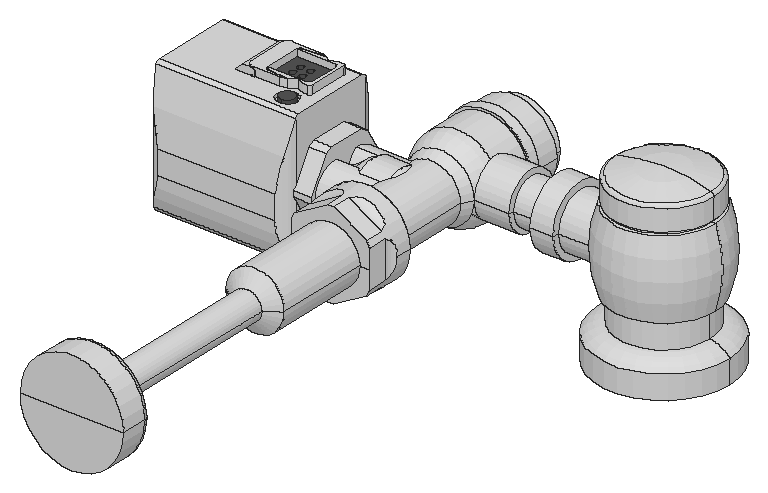
Revit family "Plumbing-Valves-Sloan-CROWN-186-SMOz", category Plumbing Fixtures, host Face, Revit 2019
Family settings
  Host = Face
  Round Connector Dimension = Use Diameter
  Part Type = Normal
  OmniClass Number = 23.45.05.14.99
  OmniClass Title = Other Sanitary Washing Plumbing Fixtures
  Cut with Voids When Loaded = No
  Shared = No
  Room Calculation Point = No
Parameters (values of type "CROWN 186 SMO-1.0-OR")
  Water Inlet Connection Diameter = 3" / 4  # 3/4"
  Waste Connection = no
  WFU = 0
  Vent Connection = no
  Valve Pressure Drop = 0.00 psi
  URL = "www.sloanvalve.com"
  Product data url = "https://www.bimobject.com/sloan_valve/product/flushometers_crown-186-smo"
  Product Material = Sloan Valve - Finish - Polished Chrome
  Product Guid = ""
  Part Number = "3122620"
  Operating Water Pressure = "15 – 80 PSI (103 – 552 kPa)"  # constant formula
  Model = "CROWN 186 SMO-1.0-OR"
  Manufacturer = "Sloan Valve"  # constant formula
  Keynote = "15410"
  Height = 13 1/2"  # constant formula
  HWFU = 0
  HW Connection = no
  Flush Rate = "1.0 gpf (3.8 Lpf)"
  Edition number = 1
  Description = "1.0 gpf, Polished Chrome Finish, Fixture Connection Top Spud, Single Flush, Electrical Override, Battery, Crown® Exposed Sensor Urinal Flushometer."
  Default Elevation = 0"
  Centerline of Supply to Centerline of Valve = 4 3/4"  # constant formula
  Centerline of Supply from Top of Fixture = 11 1/2"  # constant formula
  CWFU = 0
  CW Connection = yes
  Assembly Code = "D2020300"
Types (3): name | Part Number | Model | Flush Rate | Description
  CROWN 186 SMO-0.5-OR | "3122630" | "CROWN 186 SMO-0.5-OR" | "0.5 gpf (1.9 Lpf)" | "0.5 gpf, Polished Chrome Finish, Fixture Connection Top Spud, Single Flush, Electrical Override, Battery, Crown® Exposed Sensor Urinal Flushometer."
  CROWN 186 SMO-1.0-OR | "3122620" | "CROWN 186 SMO-1.0-OR" | "1.0 gpf (3.8 Lpf)" | "1.0 gpf, Polished Chrome Finish, Fixture Connection Top Spud, Single Flush, Electrical Override, Battery, Crown® Exposed Sensor Urinal Flushometer."
  CROWN 186 SMO-0.125-OR | "3122674" | "CROWN 186 SMO-0.125-OR" | "0.125 gpf (0.5 Lpf)" | "0.125 gpf, Polished Chrome Finish, Fixture Connection Top Spud, Single Flush, Electrical Override, Battery, Crown® Exposed Sensor Urinal Flushometer."
Reference planes (in)
  plane 1 "Center (Front/Back)": y = 0
  plane 2: z = 0
  plane 3 "Center (Left/Right)": x = 0
  plane 4: x = 4.75
  plane 5: y = -11.5
Dimensions and locks (in)
  "Centerline of Supply to Centerline of Valve": plane 3 "Center (Left/Right)" to plane 4
  aligned and locked: plane 2 to host face
  aligned and locked: level to host face
  aligned and locked: nested 1 to plane 4
Automatic sketch dimensions
  host sketch curve to host sketch curve = 96"  (x2)
Nested families (in)
  nested 1: "Geometry" at (0, -11.5, 0) x (1, 0, 0) z (0, 1, 0), type "Geometry"
Connectors (in)
  piping at (4.75, 0, 0), diameter 0.75, driven by "Water Inlet Connection Diameter", driven by "CWFU", driven by "Valve Pressure Drop"
    settings: on nested 1, index 2, connector inside diameter 24", connector length 0", flow factor 0, pipe flow 0 GPM, pressure drop 0.00 psi, fitting loss kfactor 0, connector angle 0.00°, fixture units 0, engagement length 0", angle of deflection 0.00°, flow configuration 3, flow direction 1, fitting loss method 4, system type 20, joint type 0, gender type 0, connector reference index -1, connector utility 0, adjustable connector no, is connector primary yes, connector description "Water Inlet Connection"
Definition of nested family "Geometry"
  Parameters (values of type "Geometry")
    URL = ""
    Product Material = none
    Model = ""
    Manufacturer = ""
    Keynote = ""
    Description = ""
    Default Elevation = 0"
    Assembly Code = ""
  Reference planes (in)
    plane 1 "Center (Front/Back)": y = 0
    plane 2: z = 0
    plane 3 "Center (Left/Right)": x = 0
    plane 4: x = 4.75
    plane 5: y = -2.25
    plane 6: z = 11.5
    plane 7: z = 9.94488
  Forms (in)
    Extrusion 1, solid
      sketch origin (0, 0, 0) x (1, 0, 0) y (0, 1, 0)
        loop
          line (-48, 48) -> (-48, -48) -> (48, -48) -> (48, 48) -> (-48, 48)
      from 0 to -12
    Extrusion 2, solid, material <- "Product Material", not visible
      sketch origin (0, 0, 0) x (1, 0, 0) y (0, 0, 1)
        loop
          circle (4.75, 11.5) r 1
      from 0.07956 to 0
    Revolve 3, solid, material <- "Product Material"
      sketch origin (-21.18583, -2.25, 142.48031) x (-1, 0, 0) y (0, 0, 1)
        loop
          line (-21.18583, -142.48031) -> (-21.18583, -134.86233) -> (-21.87333, -134.86233) -> (-21.87333, -137.08845) -> (-21.52958, -137.32914) -> (-21.52958, -141.35531) -> (-21.71708, -141.35531) -> (-21.71708, -141.73031) -> (-22.27652, -141.73031)
          arc (-22.27652, -141.73031) -> (-22.36707, -141.76782) -> (-22.40458, -141.85837) r 0.12805
          line (-22.40458, -141.85837) -> (-22.40458, -142.48031) -> (-21.18583, -142.48031)
        loop
          line (-21.18583, -133.80894) -> (-21.18583, -129.16813)
          arc (-21.18583, -129.16813) -> (-21.63772, -129.1837) -> (-22.08747, -129.23031) r 6.56794
          line (-22.08747, -129.23031) -> (-22.08747, -129.46146) -> (-22.18583, -129.46146) -> (-22.18583, -130.04281) -> (-22.24089, -130.04281) -> (-22.24089, -130.2913) -> (-22.18601, -130.2913) -> (-22.18601, -131.12971)
          arc (-22.18601, -131.12971) -> (-22.12347, -131.39925) -> (-21.98121, -131.63656) r 0.89039
          arc (-21.98121, -131.63656) -> (-21.9317, -131.77297) -> (-21.87333, -131.90582) r 2.20623
          line (-21.87333, -131.90582) -> (-21.87333, -133.80894) -> (-21.18583, -133.80894)
        axis (-21.18583, -142.48031) -> (-21.18583, -129.16813)
      angle from 0 to 360
    Revolve 4, solid, material <- "Product Material"
      sketch origin (-21.18583, -2.25, 142.48031) x (-1, 0, 0) y (0, 0, 1)
        loop
          line (-22.81083, -130.32406) -> (-22.81083, -130.44918) -> (-23.43583, -130.44918) -> (-23.43583, -130.16781) -> (-23.96708, -130.16781) -> (-23.96708, -130.32397) -> (-25.93583, -130.32397) -> (-25.93583, -130.98031) -> (-21.18583, -130.98031) -> (-21.18583, -130.32406) -> (-22.81083, -130.32406)
        axis (-21.18583, -130.98031) -> (-25.93583, -130.98031)
      angle from 0 to 360
    Revolve 5, solid, material <- "Product Material"
      sketch origin (-10.42838, -5.85827, 11.5) x (-1, 0, 0) y (0, -1, 0)
        loop
          line (-15.17838, -5.85827) -> (-15.17838, -1.77836)
          arc (-15.17838, -1.77836) -> (-15.73994, -1.81932) -> (-16.28962, -1.94132) r 3.87013
          arc (-16.28962, -1.94132) -> (-16.33236, -1.96943) -> (-16.36047, -2.01218) r 0.12647
          line (-16.36047, -2.01218) -> (-16.36047, -2.50664) -> (-16.31817, -2.50664) -> (-16.31817, -2.56576) -> (-16.39984, -2.56576)
          arc (-16.39984, -2.56576) -> (-16.55534, -3.49096) -> (-16.39984, -4.41615) r 2.83014
          line (-16.39984, -4.41615) -> (-16.25956, -4.41615) -> (-16.25956, -5.05199)
          arc (-16.25956, -5.05199) -> (-16.52375, -5.12097) -> (-16.7335, -5.29577) r 0.62651
          line (-16.7335, -5.29577) -> (-16.7335, -5.85827) -> (-15.17838, -5.85827)
        axis (-15.17838, -5.85827) -> (-15.17838, -1.77836)
      angle from 0 to 360
    Revolve 6, solid, material <- "Product Material"
      sketch origin (-0.33197, -2.25, 0.78863) x (1, 0, 0) y (0, 0, 1)
        loop
          line (-1.17567, 9.47566) -> (-1.17567, 9.15625) -> (0.33197, 9.15625) -> (0.33197, 9.74812) -> (0.13721, 9.87909) -> (-0.5087, 9.87909)
          arc (-0.5087, 9.87909) -> (-0.6341, 9.81521) -> (-0.74266, 9.72566) r 0.64509
          arc (-0.74266, 9.72566) -> (-0.94184, 9.57065) -> (-1.17567, 9.47566) r 0.91923
        axis (-1.17567, 9.15625) -> (0.33197, 9.15625)
      angle from 0 to 360
    Sweep 7, solid, material <- "Product Material"
      path origin (-0.33197, -2.25, 0.78863) x (1, 0, 0) y (0, 0, 1)
        loop
          line (-1.17567, 9.15625) -> (0.33197, 9.15625)
      profile origin (-0.75382, -2.25, 9.94488) x (0, 0, 1) y (0, -1, 0)
        loop
          arc (0.2945, -0.59116) -> (0.92187, 0) -> (0.2945, 0.59116) r 0.59221
          arc (0.2945, 0.59116) -> (0, 0) -> (0.2945, -0.59116) r 0.74059
    Sweep 8, solid, material <- "Product Material"
      path origin (-0.33197, -2.25, 19.10113) x (1, 0, 0) y (0, 0, 1)
        loop
          line (-1.17567, -9.15625) -> (0.00781, -9.15625)
      profile origin (-0.9159, -2.25, 9.94488) x (0, 0, 1) y (0, -1, 0)
        loop
          arc (-0.2945, -0.59116) -> (0, 0) -> (-0.2945, 0.59116) r 0.74059
          arc (-0.2945, 0.59116) -> (-0.92187, 0) -> (-0.2945, -0.59116) r 0.59221
    Extrusion 9, solid, material <- "Product Material"
      sketch origin (-3.12571, 4, 23.82639) x (0, 0, 1) y (0, -1, 0)
        loop
          line (-14.42803, 5.4259) -> (-14.28223, 5.34172) -> (-13.4038, 5.34172) -> (-13.258, 5.4259) -> (-12.81939, 6.18558) -> (-12.81939, 6.31442) -> (-13.25009, 7.06041) -> (-13.4038, 7.14915) -> (-14.28223, 7.14915) -> (-14.43594, 7.06041) -> (-14.86663, 6.31442) -> (-14.86663, 6.18558) -> (-14.42803, 5.4259)
      from 1.18057 to 1.61807
    Extrusion 10, solid, material <- "Product Material"
      sketch origin (-5.19711, -8.02789, 69.02301) x (0, -1, 0) y (0, 0, 1)
        loop
          line (-4.15289, -59.89943) -> (-4.15289, -58.04081)
          arc (-4.15289, -58.04081) -> (-4.16893, -57.98585) -> (-4.21201, -57.94814) r 0.1022
          arc (-4.21201, -57.94814) -> (-4.98496, -57.75097) -> (-5.77789, -57.66388) r 5.68758
          line (-5.77789, -57.66388) -> (-6.34716, -57.66388)
          arc (-6.34716, -57.66388) -> (-6.78049, -57.70946) -> (-7.18697, -57.86638) r 1.65765
          arc (-7.18697, -57.86638) -> (-7.34485, -58.01883) -> (-7.40289, -58.23049) r 0.41494
          line (-7.40289, -58.23049) -> (-7.40289, -59.72227)
          arc (-7.40289, -59.72227) -> (-7.34485, -59.93393) -> (-7.18697, -60.08637) r 0.41494
          arc (-7.18697, -60.08637) -> (-6.78049, -60.24329) -> (-6.34716, -60.28888) r 1.65765
          line (-6.34716, -60.28888) -> (-5.77789, -60.28888)
          arc (-5.77789, -60.28888) -> (-4.98496, -60.20179) -> (-4.21201, -60.00462) r 5.68758
          arc (-4.21201, -60.00462) -> (-4.16869, -59.95976) -> (-4.15289, -59.89943) r 0.12314
      from -3.25197 to 0.04145
    Extrusion 11, void
      sketch origin (-1.94514, -6.86409, 69.02301) x (-1, 0, 0) y (0, 0, 1)
        loop
          line (3.43979, -57.57476) -> (2.99497, -57.57476) -> (2.99497, -57.6552)
          arc (2.99497, -57.6552) -> (3.22889, -57.80783) -> (3.31113, -58.07476) r 0.41079
          line (3.31113, -58.07476) -> (3.43979, -58.07476) -> (3.43979, -57.57476)
        loop
          line (3.43979, -60.37799) -> (3.43979, -59.87799) -> (3.31113, -59.87799)
          arc (3.31113, -59.87799) -> (3.22889, -60.14492) -> (2.99497, -60.29756) r 0.41079
          line (2.99497, -60.29756) -> (2.99497, -60.37799) -> (3.43979, -60.37799)
        loop
          line (-0.14375, -57.57476) -> (-0.14375, -58.07476) -> (-0.01509, -58.07476)
          arc (-0.01509, -58.07476) -> (0.06715, -57.80783) -> (0.30107, -57.6552) r 0.41079
          line (0.30107, -57.6552) -> (0.30107, -57.57476) -> (-0.14375, -57.57476)
        loop
          line (-0.14375, -60.37799) -> (0.30107, -60.37799) -> (0.30107, -60.29756)
          arc (0.30107, -60.29756) -> (0.06715, -60.14492) -> (-0.01509, -59.87799) r 0.41079
          line (-0.01509, -59.87799) -> (-0.14375, -59.87799) -> (-0.14375, -60.37799)
      from 2.98909 to 6.23909
    Extrusion 12, void
      sketch origin (-5.44711, -8.02789, 69.02301) x (0, 1, 0) y (0, 0, 1)
        loop
          line (7.27789, -59.75367) -> (7.27789, -58.19908)
          arc (7.27789, -58.19908) -> (7.20575, -58.0249) -> (7.03157, -57.95276) r 0.24633
          line (7.03157, -57.95276) -> (6.16259, -57.95276)
          arc (6.16259, -57.95276) -> (6.02315, -58.01051) -> (5.96539, -58.14996) r 0.1972
          line (5.96539, -58.14996) -> (5.96539, -59.8028)
          arc (5.96539, -59.8028) -> (6.02315, -59.94224) -> (6.16259, -60) r 0.1972
          line (6.16259, -60) -> (7.03157, -60)
          arc (7.03157, -60) -> (7.20575, -59.92785) -> (7.27789, -59.75367) r 0.24633
      from 0 to 0.32653
    Extrusion 13, void
      sketch origin (0.00363, -4.0625, 13.13775) x (0, 0, -1) y (-1, 0, 0)
        loop
          line (2.41095, 3.37111) -> (2.41095, 2.38045)
          arc (2.41095, 2.38045) -> (2.43658, 2.31857) -> (2.49846, 2.29294) r 0.08751
          line (2.49846, 2.29294) -> (3.15515, 2.29294)
          arc (3.15515, 2.29294) -> (3.22235, 2.32077) -> (3.25018, 2.38797) r 0.09503
          line (3.25018, 2.38797) -> (3.25018, 3.37111) -> (2.41095, 3.37111)
        loop
          circle (3.68564, 2.48952) r 0.25
      from 0 to 0.24662
    Extrusion 14, solid, material <- "Product Material"
      sketch origin (0.00363, -4.0625, 13.13775) x (0, 0, 1) y (-1, 0, 0)
        loop
          arc (-2.36829, 2.21225) -> (-2.32544, 2.22961) -> (-2.30674, 2.27189) r 0.06158
          arc (-2.30674, 2.27189) -> (-2.32451, 2.43444) -> (-2.38665, 2.5857) r 0.58411
          arc (-2.38665, 2.5857) -> (-2.33039, 2.65421) -> (-2.28281, 2.72901) r 0.73397
          line (-2.28281, 2.72901) -> (-2.32459, 3.20658)
          arc (-2.32459, 3.20658) -> (-2.34989, 3.26764) -> (-2.41095, 3.29294) r 0.08636
          line (-2.41095, 3.29294) -> (-2.41095, 2.38045)
          arc (-2.41095, 2.38045) -> (-2.43658, 2.31857) -> (-2.49846, 2.29294) r 0.08751
          line (-2.49846, 2.29294) -> (-3.15515, 2.29294)
          arc (-3.15515, 2.29294) -> (-3.22235, 2.32077) -> (-3.25018, 2.38797) r 0.09503
          line (-3.25018, 2.38797) -> (-3.25018, 3.29294)
          arc (-3.25018, 3.29294) -> (-3.31125, 3.26764) -> (-3.33654, 3.20658) r 0.08636
          line (-3.33654, 3.20658) -> (-3.37832, 2.72901)
          arc (-3.37832, 2.72901) -> (-3.3344, 2.64349) -> (-3.27834, 2.56538) r 0.64963
          arc (-3.27834, 2.56538) -> (-3.33186, 2.42313) -> (-3.34688, 2.27189) r 0.58411
          arc (-3.34688, 2.27189) -> (-3.32818, 2.22961) -> (-3.28532, 2.21225) r 0.06158
          line (-3.28532, 2.21225) -> (-2.36829, 2.21225)
      from -0.1875 to 0
    Extrusion 15, solid, material <- "Product Material"
      sketch origin (0.00363, -4.0625, 13.13775) x (0, 0, 1) y (-1, 0, 0)
        loop
          arc (-2.28281, 2.72901) -> (-2.25203, 2.80064) -> (-2.23373, 2.87642) r 0.46169
          line (-2.23373, 2.87642) -> (-2.23373, 3.52003)
          arc (-2.23373, 3.52003) -> (-2.27571, 3.62137) -> (-2.37704, 3.66334) r 0.14331
          line (-2.37704, 3.66334) -> (-3.2562, 3.66334)
          arc (-3.2562, 3.66334) -> (-3.38049, 3.61186) -> (-3.43198, 3.48756) r 0.17578
          line (-3.43198, 3.48756) -> (-3.43198, 2.87642)
          arc (-3.43198, 2.87642) -> (-3.41136, 2.80045) -> (-3.37832, 2.72901) r 0.46857
          line (-3.37832, 2.72901) -> (-3.33654, 3.20658)
          arc (-3.33654, 3.20658) -> (-3.31125, 3.26764) -> (-3.25018, 3.29294) r 0.08636
          line (-3.25018, 3.29294) -> (-2.41095, 3.29294)
          arc (-2.41095, 3.29294) -> (-2.34989, 3.26764) -> (-2.32459, 3.20658) r 0.08636
          line (-2.32459, 3.20658) -> (-2.28281, 2.72901)
      from -0.1875 to 0
    Extrusion 16, solid, material <- "Product Material"
      sketch origin (0.00363, -2.25, 9.02301) x (1, 0, 0) y (0, 1, 0)
        loop
          line (-3.46156, -1.75971) -> (-3.46156, -1.53714) -> (-3.95312, -1.53714)
          arc (-3.95312, -1.53714) -> (-3.75672, -1.75749) -> (-3.46156, -1.75971) r 0.36385
      from 0.68277 to 1.88101
    Extrusion 17, solid
      sketch origin (0.00363, -4.0625, 13.13775) x (0, 0, 1) y (-1, 0, 0)
        loop
          line (-2.41095, 3.29294) -> (-3.25018, 3.29294) -> (-3.25018, 2.38797)
          arc (-3.25018, 2.38797) -> (-3.22235, 2.32077) -> (-3.15515, 2.29294) r 0.09503
          line (-3.15515, 2.29294) -> (-2.49846, 2.29294)
          arc (-2.49846, 2.29294) -> (-2.43658, 2.31857) -> (-2.41095, 2.38045) r 0.08751
          line (-2.41095, 2.38045) -> (-2.41095, 3.29294)
        loop
          circle (-3.68564, 2.48952) r 0.17875
      from -0.24662 to -0.14415
    Extrusion 18, void
      sketch origin (-1.94514, -3.875, 69.02301) x (-1, 0, 0) y (0, 0, 1)
        loop
          circle (1.00385, -58.5961) r 0.08007
        loop
          circle (0.772, -58.5961) r 0.08007
        loop
          circle (1.00385, -58.83554) r 0.08007
        loop
          circle (0.772, -58.83554) r 0.08007
      from -0.04335 to 0.05912
  Cuts and joins
    Extrusion 11, Extrusion 12, Extrusion 13 cuts Extrusion 10
    Extrusion 18 cuts Extrusion 17
  Lines and regions (in)
    Masking region 1
      outline origin (0, 0, 0) x (1, 0, 0) y (0, 1, 0)
        loop
          line (6.30453, 0) -> (3.19547, 0) -> (3.19547, -0.5625)
          arc (3.19547, -0.5625) -> (3.40596, -0.73524) -> (3.66882, -0.80628) r 0.64811
          line (3.66882, -0.80628) -> (3.66882, -1.44211) -> (3.52854, -1.44211)
          arc (3.52854, -1.44211) -> (3.50407, -1.5163) -> (3.48166, -1.59113) r 2.83546
          line (3.48166, -1.59113) -> (2.78296, -1.59113) -> (2.78296, -1.26142) -> (2.25, -1.26142) -> (2.25, -1.71632) -> (1.625, -1.71632) -> (1.625, -1.59375) -> (1.0285, -1.59375)
          arc (1.0285, -1.59375) -> (-0.03636, -1.03184) -> (-1.06425, -1.65884) r 1.21875
          line (-1.06425, -1.65884) -> (-1.50764, -1.65884) -> (-1.50764, -1.34172) -> (-1.94514, -1.34172) -> (-1.94514, -0.625) -> (-5.23856, -0.625) -> (-5.23856, -3.875) -> (-3.90764, -3.875)
          arc (-3.90764, -3.875) -> (-3.81514, -4.01035) -> (-3.65971, -4.0625) r 0.25767
          line (-3.65971, -4.0625) -> (-2.20862, -4.0625) -> (-2.20862, -3.875) -> (-1.94514, -3.875) -> (-1.94514, -3.14915) -> (-1.50764, -3.14915) -> (-1.50764, -2.84116) -> (-1.06593, -2.84116)
          arc (-1.06593, -2.84116) -> (-0.03719, -3.46829) -> (1.0285, -2.90625) r 1.22009
          line (1.0285, -2.90625) -> (1.625, -2.90625) -> (1.625, -2.77889) -> (2.25, -2.77889) -> (2.25, -3.23579) -> (2.78296, -3.23579) -> (2.78296, -2.90688) -> (3.42517, -2.90688)
          arc (3.42517, -2.90688) -> (3.47006, -3.10152) -> (3.52854, -3.29251) r 2.83546
          line (3.52854, -3.29251) -> (3.61021, -3.29251) -> (3.61021, -3.35162) -> (3.56791, -3.35162) -> (3.56791, -3.84609)
          arc (3.56791, -3.84609) -> (3.59567, -3.88918) -> (3.63877, -3.91694) r 0.12116
          arc (3.63877, -3.91694) -> (4.75, -4.08111) -> (5.86123, -3.91694) r 3.84302
          arc (5.86123, -3.91694) -> (5.90433, -3.88918) -> (5.93209, -3.84609) r 0.12116
          line (5.93209, -3.84609) -> (5.93209, -3.35162) -> (5.88979, -3.35162) -> (5.88979, -3.29251) -> (5.97146, -3.29251)
          arc (5.97146, -3.29251) -> (6.12665, -2.36731) -> (5.97146, -1.44211) r 2.83546
          line (5.97146, -1.44211) -> (5.83118, -1.44211) -> (5.83118, -0.80628)
          arc (5.83118, -0.80628) -> (6.09404, -0.73524) -> (6.30453, -0.5625) r 0.64811
          line (6.30453, -0.5625) -> (6.30453, 0)
    symbolic lines, detail levels medium+fine
      curve 1: line (5.83118, -1.44211, 0) -> (3.66882, -1.44211, 0)
      curve 2: line (5.83118, -0.80628, 0) -> (3.66882, -0.80628, 0)
      curve 3: line (3.19547, -0.5625, 0) -> (6.30512, -0.5625, 0)
      curve 4: line (2.78125, -1.4375, 0) -> (2.78125, -2.25, 0)
      curve 5: line (2.78125, -2.25, 0) -> (2.78125, -3.0625, 0)
      curve 6: line (2.25, -1.4375, 0) -> (2.25, -2.25, 0)
      curve 7: line (2.25, -2.25, 0) -> (2.25, -3.0625, 0)
      curve 8: line (5.88979, -3.29251, 0) -> (3.61021, -3.29251, 0)
      curve 9: line (5.88979, -3.35162, 0) -> (3.61021, -3.35162, 0)
      curve 16: line (1.625, -2.25, 0) -> (1.625, -1.59375, 0)
      curve 17: line (1.625, -2.90625, 0) -> (1.625, -2.25, 0)
      curve 20: line (-1.18348, -2.84221, 0) -> (-1.18348, -1.65779, 0)
      curve 21: line (-1.50764, -3.14915, 0) -> (-1.50764, -1.34172, 0)
      curve 22: line (-2.20862, -3.875, 0) -> (-3.90764, -3.875, 0)
      curve 31: line (-1.94514, -1.34172, 0) -> (-1.94514, -3.14915, 0)
    symbolic lines, detail levels fine
      curve 10: arc (0.90625, -2.25, 0) -> (0, -1.34375, 0) -> (-0.90625, -2.25, 0) r 0.90625
      curve 11: arc (-1, -2.25, 0) -> (0, -1.25, 0) -> (1, -2.25, 0) r 1
      curve 12: arc (-1.05506, -2.25, 0) -> (0, -1.19494, 0) -> (1.05506, -2.25, 0) r 1.05506
      curve 13: arc (-0.90625, -2.25, 0) -> (0, -3.15625, 0) -> (0.90625, -2.25, 0) r 0.90625
      curve 14: arc (1, -2.25, 0) -> (0, -3.25, 0) -> (-1, -2.25, 0) r 1
      curve 15: arc (1.05506, -2.25, 0) -> (0, -3.30506, 0) -> (-1.05506, -2.25, 0) r 1.05506
      curve 18: line (1.625, -1.59375, 0) -> (0.82612, -1.59375, 0)
      curve 19: line (1.625, -2.90625, 0) -> (0.82612, -2.90625, 0)
      curve 23: line (-1.50764, -1.4259, 0) -> (-1.94514, -1.4259, 0)
      curve 24: line (-1.50764, -2.18558, 0) -> (-1.94514, -2.18558, 0)
      curve 25: line (-1.50764, -2.31442, 0) -> (-1.94514, -2.31442, 0)
      curve 26: line (-1.50764, -3.06041, 0) -> (-1.94514, -3.06041, 0)
      curve 27: line (-2.87279, -3.875, 0) -> (-2.87279, -4.0625, 0)
      curve 28: line (-2.72538, -3.875, 0) -> (-2.72538, -4.0625, 0)
      curve 29: line (-2.58207, -3.875, 0) -> (-2.58207, -4.0625, 0)
      curve 30: line (-3.45793, -3.875, 0) -> (-3.45793, -4.0625, 0)
      curve 32: line (-2.21494, -1.68073, 0) -> (-4.97138, -1.68073, 0)
      curve 33: line (-2.21494, -2.25, 0) -> (-4.97138, -2.25, 0)
      curve 34: line (-1.94514, -3.80045, 0) -> (-2.21494, -2.25, 0)
      curve 35: line (-2.21494, -2.25, 0) -> (-2.21494, -1.68073, 0)
      curve 36: line (-2.21494, -1.68073, 0) -> (-1.97547, -0.84093, 0)
      curve 37: line (-4.97138, -1.68073, 0) -> (-4.97138, -2.25, 0)
      curve 38: line (-4.97138, -2.25, 0) -> (-5.23856, -3.77314, 0)
      curve 39: line (-5.21086, -0.84093, 0) -> (-4.97138, -1.68073, 0)
      curve 40: spline (-5.23856, -0.74947, 0) -> (-5.23638, -0.75637, 0) -> (-5.23418, -0.76341, 0) -> (-5.23195, -0.77059, 0) -> (-5.22969, -0.77791, 0) -> (-5.22741, -0.78536, 0) -> (-5.22511, -0.79294, 0) -> (-5.22278, -0.80065, 0) -> (-5.22043, -0.80847, 0) -> (-5.21807, -0.81642, 0) -> (-5.21568, -0.82448, 0) -> (-5.21328, -0.83265, 0) -> (-5.21086, -0.84093, 0)
      curve 41: spline (-1.97547, -0.84093, 0) -> (-1.97273, -0.83177, 0) -> (-1.97003, -0.82274, 0) -> (-1.96737, -0.81384, 0) -> (-1.96473, -0.80509, 0) -> (-1.96214, -0.79648, 0) -> (-1.95958, -0.78801, 0) -> (-1.95707, -0.77971, 0) -> (-1.95459, -0.77156, 0) -> (-1.95216, -0.76358, 0) -> (-1.94977, -0.75577, 0) -> (-1.94743, -0.74814, 0) -> (-1.94514, -0.74068, 0)
  Dimensions and locks (in)
    Extrusion 2 sketch curve to plane 2 = 11 1/2"
    Extrusion 2 sketch curve to plane 3 "Center (Left/Right)" = 4 3/4"
    plane 3 "Center (Left/Right)" to plane 4 = 4 3/4"
    plane 6 to plane 2 = 11 1/2"
    locked: Extrusion 12 sketch curve to Extrusion 12 sketch curve at 1.3125
    Revolve 3 sketch curve to Revolve 3 sketch curve = 17/32"
    aligned and locked: plane 2 to Extrusion 1
    aligned and locked: level to Extrusion 1
    aligned and locked: Extrusion 2 to plane 1 "Center (Front/Back)"
    aligned and locked: Extrusion 15 sketch curve to Extrusion 14  (x2)
  Nested families (in)
    nested 1: "Royal Adapter TYPE-2" at (0, -2.25, 7.61799) x (-1, 0, 0) z (0, 0, 1), type "Optima Adapter"
  Definition of nested family "Royal Adapter TYPE-2"
    Parameters (values of type "Optima Adapter")
      Flushometer Body = none
      Assembly Code = ""
    Reference planes (in)
      plane 1 "Center (Front/Back)": y = 0
      plane 2 "Bottom": z = 0
      plane 3 "Center (Left/Right)": x = 0
      plane 4: z = 0.6875
      plane 5: z = 0
      plane 6 "Top": z = 1.15625
      plane 7: x = -1.00394
      plane 8: x = 1.00394
      plane 9: y = 1.00394
      plane 10: y = -1.00394
      plane 11: x = -0.90551
      plane 12: x = 0.90551
      plane 13: y = 0.90551
      plane 14: y = -0.90551
    Forms (in)
      Blend 1, solid, material <- "Flushometer Body"
        base sketch origin (0, 0, 0.7874) x (1, 0, 0) y (0, 1, 0)
          loop
            circle (0, 0) r 1.02362
        top sketch origin (0, 0, 0.7874) x (1, 0, 0) y (0, 1, 0)
          loop
            circle (0, 0) r 0.90625
        from 0.26599 to 0.36885
      Revolve 2, solid, material <- "Flushometer Body"
        sketch origin (0, 0, -6.85938) x (1, 0, 0) y (0, 0, 1)
          loop
            line (-1.02362, 7.91276) -> (-1.02362, 6.85938) -> (0, 6.85938) -> (0, 7.91276) -> (-1.02362, 7.91276)
          axis (0, 6.85938) -> (0, 7.91276)
        angle from 0 to 360
      Sweep 3, void
        path origin (0, 0, 0) x (1, 0, 0) y (0, 1, 0)
          loop
            line (-0.89294, 0.51554) -> (-0.89294, -0.51554) -> (0, -1.03108) -> (0.89294, -0.51554) -> (0.89294, 0.51554) -> (0, 1.03108) -> (-0.89294, 0.51554)
        profile origin (-0.89294, 0, 0) x (1, 0, 0) y (0, 0, 1)
          loop
            line (-0.23737, 0) -> (-0.02958, 0) -> (-0.02958, 0.45225)
            arc (-0.02958, 0.45225) -> (-0.08669, 0.63339) -> (-0.23737, 0.74902) r 0.31581
            line (-0.23737, 0.74902) -> (-0.23737, 0)
    Cuts and joins
      Sweep 3 cuts Revolve 2
    Dimensions and locks (in)
      locked: plane 6 "Top" to plane 4 at 0.46875
      locked: plane 4 to plane 5 at 0.6875
      locked: plane 8 to plane 7 at 2.00787
      locked: plane 11 to plane 12 at 1.81102
      locked: plane 9 to plane 10 at 2.00787
      locked: plane 13 to plane 14 at 1.81102
      aligned and locked: level to plane 2 "Bottom"
      aligned and locked: plane 2 "Bottom" to plane 5
      aligned and locked: Blend 1 to plane 6 "Top"
      aligned and locked: Blend 1 to Revolve 2 sketch curve
      aligned and locked: plane 3 "Center (Left/Right)" to Revolve 2 sketch curve
      aligned and locked: Revolve 2 sketch curve to Revolve 2 sketch curve
      aligned and locked: level to Revolve 2 sketch curve
      aligned and locked: profile plane to Sweep 3 sketch curve
